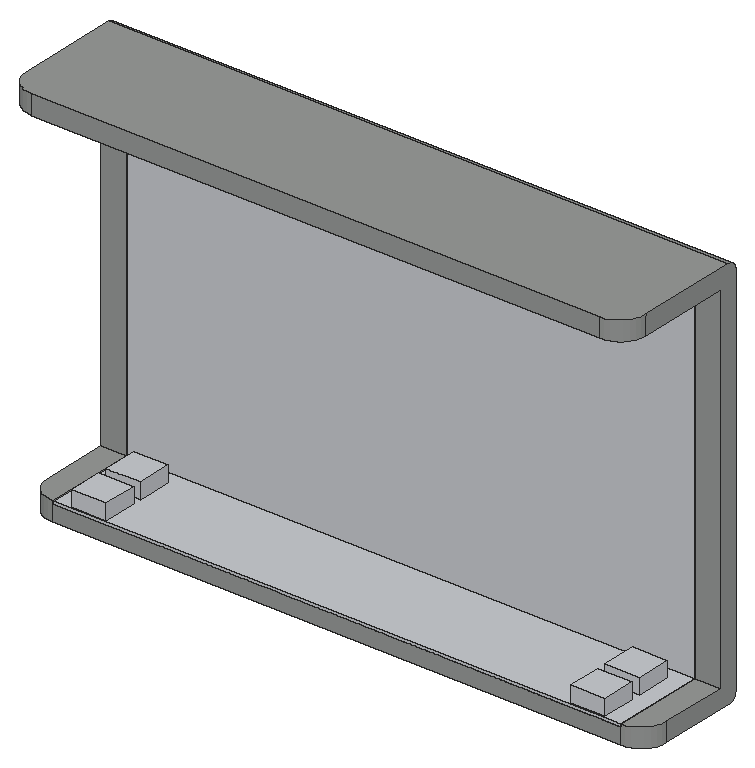
Revit family "Desk_Accessories-Teknion-BAPSE_Personal_Screen_Felt-R2018", category Furniture, Revit 2018
Family settings
  OmniClass Number = 23.40.20.00
  OmniClass Title = General Furniture and Specialties
  Work Plane-Based = Yes
  Always vertical = Yes
  Cut with Voids When Loaded = No
  Shared = Yes
  Room Calculation Point = No
Parameters (values of type "Mounted on a 1" Thick Worksurface")
  Worksurface Thickness = 1.016"
  Warranty = "http://www.teknion.com/ca/papers/legal-canada"
  Unit Weight URL = "http://www.teknion.com/ca/tools/assets#&asset=bee6a381-b954-425e-8283-5a2de3a804f2,f828d448-4b62-4231-9e5f-9a8991c0ed77"
  URL = "www.teknion.com"
  To render please download texture images found here [instance] = "https://assets.teknion.com/web/5e81352c1dfdb467/revit-material-swatches/"
  Sustainability Data = "https://www.teknion.com/ca/tools/assets#&topic=216f99a5-57a0-44fc-b10a-9dee9b29ae4c&asset=444deb64-fe58-4b68-981e-f75e97781df7,b4ff2d81-9f2e-437d-9659-7cffb09c31cf"
  Series = "Expansion Casegoods"  # constant formula
  Product Page URL = "https://www.teknion.com/ca/products/product-details?productLineId=0053336e-8e7a-673b-a6c8-ff00004460c4"
  Product Line = "Expansion Casegoods"  # constant formula
  Product Documentation Link = "https://www.teknion.com/pricing/expansion-casegoods/pdfs/BAPSE_ppg.pdf"
  Part Number = "BAPSE"  # constant formula
  Model = "BAPSE181094"
  Manufacturer Phone = "416-661-3370"  # constant formula
  Manufacturer Fax = "416.661.4586"  # constant formula
  Manufacturer Contact Information = "http://www.teknion.com/ca/contactus"
  Manufacturer Address = "1150 Flint Road, Toronto, ON. M3J 2J5. Canada"  # constant formula
  Manufacturer = "Teknion"  # constant formula
  Interior Finish [instance] = Paint - Teknion - Foundation - Very White
  How To Use Teknion Materials User Guide [instance] = "https://assets.teknion.com/m/205dd0a49fa58060/original/How-to-add-a-Material-Library-and-Texture-Images-to-your-Revit-project.pdf"
  For Additional Finishes please visit [instance] = "https://assets.teknion.com/m/44a8009b046e5d47/original/Teknion_Materials_Library.zip"
  Exterior Finish [instance] = Fabric-Teknion-RB14-Shale
  Description = "Personal Screen - Felt, 18\" Width, 10\" Height, 4\" Depth, Mounted on a 1\" Thick Worksurface"
  Default Elevation = 48.000"
  Assembly Code = "E2020200"
Types (4): name | Worksurface Thickness | Description
  (no name) | 1.016" | "Personal Screen - Felt, 18\" Width, 10\" Height, 4\" Depth, Mounted on a 1\" Thick Worksurface"
  Mounted on a 1" Thick Worksurface | 1.016" | "Personal Screen - Felt, 18\" Width, 10\" Height, 4\" Depth, Mounted on a 1\" Thick Worksurface"
  Mounted on a 1 3/16" Thick Worksurface | 1.189" | "Personal Screen - Felt, 18\" Width, 10\" Height, 4\" Depth, Mounted on a 1 3/16\" Thick Worksurface"
  Mounted on a 1 9/16" Thick Worksurface | 1.555" | "Personal Screen - Felt, 18\" Width, 10\" Height, 4\" Depth, Mounted on a 1 9/16\" Thick Worksurface"
Reference planes (in)
  plane 1 "Center Front/Back": y = 0.3065
  plane 2: z = 0
  plane 3 "Center Left/Right": x = -0.03223
  plane 4 "Left": x = -9.03223
  plane 5 "Right": x = 8.96777
  plane 6 "Back": y = 2.3065
  plane 7 "Front": y = -1.6935
  plane 8 "Top": z = 9.46038
  plane 9: z = -1.016
  plane 10: z = -2.01994
  plane 11: y = 1.75532
Forms (in)
  Sweep 1, solid, material "Fabric-Teknion-RB14-Shale" <- "Exterior Finish"
    path origin (0, 0, 0) x (1, 0, 0) y (0, 1, 0)
      loop
        line (-9.03223, 0.3065) -> (8.96777, 0.3065)
    profile origin (-0.03223, 0.3065, 0) x (0, 1, 0) y (0, 0, 1)
      loop
        line (1.72441, 9.46038) -> (-2, 9.46038) -> (-2, 8.9092) -> (1.44882, 8.9092) -> (1.44882, -1.46876) -> (-1.24016, -1.46876) -> (-1.24016, -2.01994) -> (1.72441, -2.01994)
        arc (1.72441, -2.01994) -> (1.91928, -1.93922) -> (2, -1.74435) r 0.27559
        line (2, -1.74435) -> (2, 9.18479)
        arc (2, 9.18479) -> (1.91928, 9.37966) -> (1.72441, 9.46038) r 0.27559
  Sweep 2, void
    path origin (0, 0.3065, 0) x (1, 0, 0) y (0, 0, 1)
      loop
        line (-0.03223, 10.96038) -> (-0.03223, 4.21038)
    profile origin (-0.03223, 0.3065, 7.58538) x (0, -1, 0) y (1, 0, 0)
      loop
        line (2, 8.25) -> (2.25, 8.25) -> (2.25, 9.25) -> (1.25, 9.25) -> (1.25, 9)
        arc (1.25, 9) -> (1.78033, 8.78033) -> (2, 8.25) r 0.75
      loop
        arc (2, -8.25) -> (1.78033, -8.78033) -> (1.25, -9) r 0.75
        line (1.25, -9) -> (1.25, -9.25) -> (2.25, -9.25) -> (2.25, -8.25) -> (2, -8.25)
  Sweep 3, void
    path origin (0, 0.3065, 0) x (1, 0, 0) y (0, 0, 1)
      loop
        line (-0.03223, 0.923) -> (-0.03223, -3.577)
    profile origin (-0.03223, 0.3065, -1.327) x (0, -1, 0) y (1, 0, 0)
      loop
        line (0.49016, -9) -> (0.49016, -9.25) -> (1.49016, -9.25) -> (1.49016, -8.25) -> (1.24016, -8.25)
        arc (1.24016, -8.25) -> (1.02049, -8.78033) -> (0.49016, -9) r 0.75
      loop
        arc (0.49016, 9) -> (1.02049, 8.78033) -> (1.24016, 8.25) r 0.75
        line (1.24016, 8.25) -> (1.49016, 8.25) -> (1.49016, 9.25) -> (0.49016, 9.25) -> (0.49016, 9)
  Sweep 4, solid, material "Paint - Teknion - Foundation - Very White" <- "Interior Finish"
    path origin (0, 0, 0) x (1, 0, 0) y (0, 1, 0)
      loop
        line (-8.28223, 0.3065) -> (8.21777, 0.3065)
    profile origin (-0.03223, 0.3065, 0) x (0, 1, 0) y (0, 0, 1)
      loop
        line (1.52362, 8.984) -> (-1.25, 8.984) -> (-1.25, 8.9092) -> (1.44882, 8.9092) -> (1.44882, -1.46876) -> (-1.24016, -1.46876) -> (-1.24016, -1.54356) -> (1.52362, -1.54356) -> (1.52362, 8.984)
  Sweep 5, void
    path origin (0, 0, 0) x (1, 0, 0) y (0, 1, 0)
      loop
        line (-8.28223, 0.3065) -> (8.21777, 0.3065)
    profile origin (-0.03223, 0.3065, 0) x (0, 1, 0) y (0, 0, 1)
      loop
        line (-1.25, 8.984) -> (-1.25, 8.9092) -> (1.44882, 8.9092) -> (1.44882, -1.46876) -> (-1.24016, -1.46876) -> (-1.24016, -1.54356) -> (1.52362, -1.54356) -> (1.52362, 8.984) -> (-1.25, 8.984)
  Sweep 6, solid, material "Paint - Teknion - Foundation - Very White" <- "Interior Finish"
    path origin (0, 0.3065, 0) x (1, 0, 0) y (0, 0, 1)
      loop
        line (-0.03223, -1.016) -> (-0.03223, -1.46876)
    profile origin (-0.03223, 0.3065, -1.24238) x (0, -1, 0) y (1, 0, 0)
      loop
        line (0.19685, -7.75) -> (1.19685, -7.75) -> (1.19685, -6.75) -> (0.19685, -6.75) -> (0.19685, -7.75)
      loop
        line (-1.06299, -7.75) -> (-0.06299, -7.75) -> (-0.06299, -6.75) -> (-1.06299, -6.75) -> (-1.06299, -7.75)
      loop
        line (0.19685, 6.75) -> (1.19685, 6.75) -> (1.19685, 7.75) -> (0.19685, 7.75) -> (0.19685, 6.75)
      loop
        line (-1.06299, 6.75) -> (-0.06299, 6.75) -> (-0.06299, 7.75) -> (-1.06299, 7.75) -> (-1.06299, 6.75)
Cuts and joins
  Sweep 2, Sweep 3, Sweep 5 cuts Sweep 1
Lines and regions (in)
  Masking region 1
    outline origin (0, 0, 0) x (1, 0, 0) y (0, 1, 0)
      loop
        line (-9.03223, 2.3065) -> (-9.03223, -0.9435)
        arc (-9.03223, -0.9435) -> (-8.81256, -1.47383) -> (-8.28223, -1.6935) r 0.75
        line (-8.28223, -1.6935) -> (8.21777, -1.6935)
        arc (8.21777, -1.6935) -> (8.7481, -1.47383) -> (8.96777, -0.9435) r 0.75
        line (8.96777, -0.9435) -> (8.96777, 2.3065) -> (-9.03223, 2.3065)
  symbolic lines, style "FurnitureHiddenLines", detail levels medium+fine
    curve 1: line (-8.28223, -0.93366, 0) -> (8.21777, -0.93366, 0)
    curve 2: arc (-8.28223, -0.93366, 0) -> (-8.81256, -0.71399, 0) -> (-9.03223, -0.18366, 0) r 0.75
    curve 3: arc (8.96777, -0.18366, 0) -> (8.7481, -0.71399, 0) -> (8.21777, -0.93366, 0) r 0.75
    curve 21: line (8.21777, 1.83012, 0) -> (-8.28223, 1.83012, 0)
    curve 22: line (8.21777, -0.93366, 0) -> (8.21777, 1.83012, 0)
    curve 23: line (-8.28223, -0.9435, 0) -> (8.21777, -0.9435, 0)
    curve 24: line (-8.28223, -0.93366, 0) -> (-8.28223, 1.83012, 0)
  symbolic lines, style "FurnitureHiddenLines", detail levels fine
    curve 4: line (-9.03223, 1.75532, 0) -> (8.96777, 1.75532, 0)
    curve 5: line (-6.78223, 1.36949, 0) -> (-7.78223, 1.36949, 0)
    curve 6: line (-6.78223, 0.36949, 0) -> (-6.78223, 1.36949, 0)
    curve 7: line (-7.78223, 0.36949, 0) -> (-6.78223, 0.36949, 0)
    curve 8: line (-7.78223, 1.36949, 0) -> (-7.78223, 0.36949, 0)
    curve 9: line (-6.78223, 0.10965, 0) -> (-7.78223, 0.10965, 0)
    curve 10: line (-6.78223, -0.89035, 0) -> (-6.78223, 0.10965, 0)
    curve 11: line (-7.78223, -0.89035, 0) -> (-6.78223, -0.89035, 0)
    curve 12: line (-7.78223, 0.10965, 0) -> (-7.78223, -0.89035, 0)
    curve 13: line (7.71777, 1.36949, 0) -> (6.71777, 1.36949, 0)
    curve 14: line (6.71777, 1.36949, 0) -> (6.71777, 0.36949, 0)
    curve 15: line (6.71777, 0.36949, 0) -> (7.71777, 0.36949, 0)
    curve 16: line (7.71777, 0.36949, 0) -> (7.71777, 1.36949, 0)
    curve 17: line (7.71777, 0.10965, 0) -> (6.71777, 0.10965, 0)
    curve 18: line (6.71777, 0.10965, 0) -> (6.71777, -0.89035, 0)
    curve 19: line (6.71777, -0.89035, 0) -> (7.71777, -0.89035, 0)
    curve 20: line (7.71777, -0.89035, 0) -> (7.71777, 0.10965, 0)
Dimensions and locks (in)
  plane 4 "Left" to plane 5 "Right" = 18.000"
  plane 6 "Back" to plane 7 "Front" = 4.000"
  locked: plane 8 "Top" to plane 9 at 10.47638
  equal spacing: plane 7 "Front", plane 1 "Center Front/Back", plane 6 "Back"
  equal spacing: plane 4 "Left", plane 3 "Center Left/Right", plane 5 "Right"
  "Worksurface Thickness": level to plane 9
  locked: plane 9 to plane 10 at 1.00394
  locked: Sweep 2 sketch curve to plane 8 "Top" at 1.5
  locked: plane 8 "Top" to Sweep 2 sketch curve at 5.25
  Sweep 2 sketch curve to plane 4 "Left" to Sweep 2 sketch curve to Sweep 2 sketch curve = 0.250" locked, 0.750" locked, 0.000" locked
  Sweep 2 sketch curve to plane 7 "Front" to Sweep 2 sketch curve to Sweep 2 sketch curve = 0.250" locked, 0.750" locked, 0.000" locked  (x2)
  Sweep 2 sketch curve to Sweep 2 sketch curve to plane 5 "Right" to Sweep 2 sketch curve = 0.000" locked, 0.750" locked, 0.250" locked
  Sweep 3 sketch curve to plane 4 "Left" to Sweep 3 sketch curve to Sweep 3 sketch curve = 0.250" locked, 0.750" locked, 0.000" locked
  plane 7 "Front" to Sweep 3 sketch curve to Sweep 3 sketch curve to Sweep 3 sketch curve = 0.50984" locked, 1.000" locked, 0.000" locked  (x2)
  Sweep 3 sketch curve to Sweep 3 sketch curve to plane 5 "Right" to Sweep 3 sketch curve = 0.000" locked, 0.750" locked, 0.250" locked
  Sweep 3 sketch curve to plane 10 to Sweep 3 sketch curve = 2.94294" locked, 1.55706" locked
  Sweep 4 sketch curve to Sweep 4 sketch curve to plane 10 = 0.0748" locked, 0.47638" locked
  plane 8 "Top" to Sweep 4 sketch curve to Sweep 4 sketch curve = 0.47638" locked, 0.0748" locked
  locked: Sweep 4 sketch curve to plane 7 "Front" at 0.75
  plane 6 "Back" to Sweep 4 sketch curve to Sweep 4 sketch curve = 0.47638" locked, 0.0748" locked
  locked: Sweep 4 sketch curve to plane 7 "Front" at 0.75984
  locked: Sweep 1 sketch curve to plane 10 at 0.55118
  locked: Sweep 1 sketch curve to plane 10 at 0.27559
  locked: Sweep 1 sketch curve to plane 7 "Front" at 0.75984
  locked: Sweep 4 sketch curve to plane 5 "Right" at 0.75
  locked: plane 4 "Left" to Sweep 4 sketch curve at 0.75
  locked: plane 8 "Top" to Sweep 1 sketch curve at 0.55118
  locked: plane 6 "Back" to Sweep 1 sketch curve at 0.55118
  locked: plane 6 "Back" to Sweep 1 sketch curve at 0.27559  (x2)
  locked: plane 8 "Top" to Sweep 1 sketch curve at 0.27559
  locked: plane 4 "Left" to Sweep 5 sketch curve at 0.75
  locked: Sweep 5 sketch curve to plane 5 "Right" at 0.75
  locked: plane 9 to Sweep 6 sketch curve at 0.45276
  Sweep 6 sketch curve to Sweep 6 sketch curve to Sweep 6 sketch curve to Sweep 6 sketch curve to plane 5 "Right" = 0.000" locked, 1.000" locked, 0.000" locked, 1.250" locked
  Sweep 6 sketch curve to Sweep 6 sketch curve to plane 1 "Center Front/Back" to Sweep 6 sketch curve to Sweep 6 sketch curve = 1.000" locked, 0.19685" locked, 0.06299" locked, 1.000" locked  (x2)
  plane 4 "Left" to Sweep 6 sketch curve to Sweep 6 sketch curve to Sweep 6 sketch curve to Sweep 6 sketch curve = 1.250" locked, 0.000" locked, 1.000" locked, 0.000" locked
  aligned and locked: level to plane 2
  aligned and locked: plane 4 "Left" to Sweep 1 sketch curve
  aligned and locked: plane 5 "Right" to Sweep 1 sketch curve
  aligned and locked: plane 8 "Top" to Sweep 1 sketch curve
  aligned and locked: plane 6 "Back" to Sweep 1 sketch curve
  aligned and locked: Sweep 1 sketch curve to plane 7 "Front"
  aligned and locked: plane 1 "Center Front/Back" to Sweep 4 sketch curve
  aligned and locked: Sweep 5 sketch curve to Sweep 4  (x8)
  aligned and locked: plane 1 "Center Front/Back" to Sweep 5 sketch curve
  aligned and locked: plane 9 to Sweep 6 sketch curve
  aligned and locked: Sweep 6 sketch curve to plane 3 "Center Left/Right"
  aligned and locked: Masking region 1 sketch curve to plane 4 "Left"
  aligned and locked: Masking region 1 sketch curve to plane 6 "Back"
  aligned and locked: Masking region 1 sketch curve to plane 5 "Right"
  aligned and locked: Masking region 1 sketch curve to cut or joined group of Sweep 1, Sweep 2, Sweep 3, Sweep 5  (x2)
  aligned and locked: curve 2 to cut or joined group of Sweep 1, Sweep 2, Sweep 3, Sweep 5
  aligned and locked: curve 3 to cut or joined group of Sweep 1, Sweep 2, Sweep 3, Sweep 5
  aligned and locked: curve 4 to cut or joined group of Sweep 1, Sweep 2, Sweep 3, Sweep 5
  aligned and locked: curve 5 to Sweep 6
  aligned and locked: curve 6 to Sweep 6
  aligned and locked: curve 7 to Sweep 6
  aligned and locked: curve 8 to Sweep 6
  aligned and locked: curve 9 to Sweep 6
  aligned and locked: curve 10 to Sweep 6
  aligned and locked: curve 11 to Sweep 6
  aligned and locked: curve 12 to Sweep 6
  aligned and locked: curve 13 to Sweep 6
  aligned and locked: curve 14 to Sweep 6
  aligned and locked: curve 15 to Sweep 6
  aligned and locked: curve 16 to Sweep 6
  aligned and locked: curve 17 to Sweep 6
  aligned and locked: curve 18 to Sweep 6
  aligned and locked: curve 19 to Sweep 6
  aligned and locked: curve 20 to Sweep 6
  aligned and locked: curve 21 to Sweep 4
  aligned and locked: Sweep 4 to curve 22
  aligned and locked: curve 23 to Sweep 4
  aligned and locked: Sweep 4 to curve 24
Automatic sketch dimensions
  Sweep 1 sketch curve to plane 1 "Center Front/Back" = 0.000"
  Sweep 2 sketch curve to Sweep 2 sketch curve = 0.250"  (x2)
  Sweep 2 sketch curve to plane 3 "Center Left/Right" = 0.000"
  Sweep 3 sketch curve to plane 3 "Center Left/Right" = 0.000"
  Sweep 3 sketch curve to Sweep 3 sketch curve = 0.250"  (x2)
  curve 4 to plane 4 "Left" = 0.000"
  curve 4 to plane 5 "Right" = 0.000"
  curve 23 to curve 1 = 0.000"  (x2)
